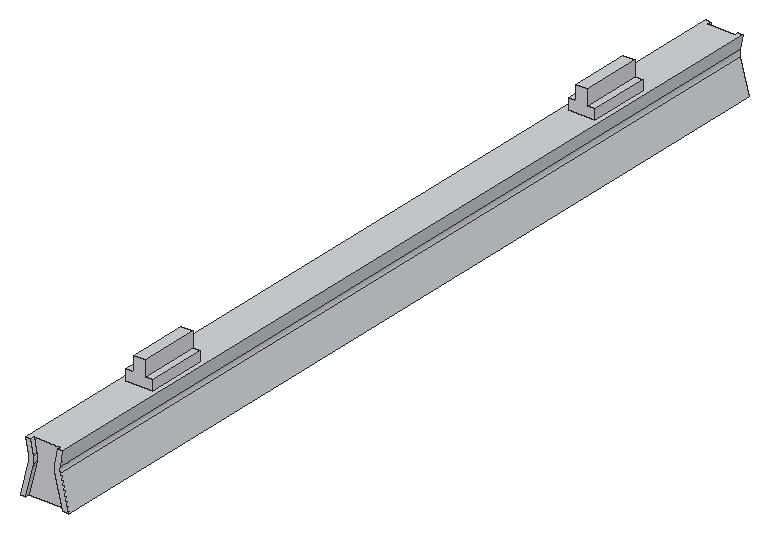
Revit family "S90-LINE BL 3000 DALI 830 MP_Unhosted", category Lighting Fixtures, Revit 2016
Family settings
  Part Type = Normal
  Round Connector Dimension = Use Diameter
  OmniClass Number = 23.80.70.00
  OmniClass Title = Lighting
  Work Plane-Based = No
  Always vertical = Yes
  Cut with Voids When Loaded = No
  Light Source = Yes
  Shared = No
  Room Calculation Point = No
Parameters
  Wiring Accessories = ""
  Width = 66 mm
  Wattage = 29 W
  built-in parameter 1150110 = 1 (stored number, unit not read)
  Voltage = 230 V
  UpdateDate = "14.10.2020 22:57:35"
  URL UK = "http://glamox.com/uk/products/S90-LINE"
  URL Sweden = "http://glamox.com/se/produkter/S90-LINE/items/S90325530"
  URL Russia = "http://glamox.com/ru/products/S90-LINE/items/S90325530"
  URL Other = "http://glamox.com/gsx/products/S90-LINE/items/S90325530"
  URL Norway = "http://glamox.com/no/produkter/S90-LINE/items/S90325530"
  URL Ireland = "http://glamox.com/ie/products/S90-LINE"
  URL Germany = "http://glamox.com/de/products/S90-LINE"
  URL Finland = "http://glamox.com/fi/products/S90-LINE"
  URL Estonia = "http://glamox.com/ee/products/S90-LINE"
  URL Denmark = "http://glamox.com/dk/produkter/S90-LINE"
  URL = ""
  TypeOfEmergency = ""
  TypeOfBallast = "DALI"
  TotalWattage = 29 W
  Total Load = 29 W
  built-in parameter 1114217 = 1 (stored number, unit not read)
  Tilt Angle = 90.00°
  Termination = ""
  built-in parameter 1150109 = 1 (stored number, unit not read)
  built-in parameter 1150134 = 3
  built-in parameter 1150113 = 1 (stored number, unit not read)
  Specification = "Interior product, in bodymaterial Aluminium, for Surface/Track mounting, in Black colour, IP20, lightsource LED, lumen out 3130lm, ballast type DALI, optic type MP = Micro-Prismatic, gives an up/down lightdistribution 0/100."
  Remark = ""
  PowerFactor = 98.00%
  Power Factor = 0.98
  Plug Type = ""
  Photometric Web File = "S90-LINE-3000-DALI-830-MP.ies"
  Optic = "MP"
  NumberOfSources = 1
  Number of Poles = 1
  ModelReference = "S90-LINE"
  ModelLabel = "S90-LINE BL 3000 DALI 830 MP"
  Material LightingSurface = Material LightingSurface
  Manufacturer = "Glamox"
  MaintenanceFactor = 0
  MFArtNo = "S90325530"
  built-in parameter 1150105 = 249.08 (stored number, unit not read)
  Lumens = 3130 lm
  built-in parameter 1150115 = 1 (stored number, unit not read)
  LumWidth = 53 mm
  LumLength = 1120 mm
  Load Classification [instance] = Lighting
  LightFixturePlacingType = "CEILING"
  LightFixtureMountingType = "TRACKMOUNTED"
  built-in parameter 1150137 = (empty or 0)
  built-in parameter 1150139 = (empty or 0)
  Length = 1145 mm
  LampBase = ""
  Lamp Wattage Comments = ""
  built-in parameter 1150112 = 1 (stored number, unit not read)
  built-in parameter 1150114 = 1 (stored number, unit not read)
  Lamp = "LED"
  built-in parameter 1150132 = (empty or 0)
  built-in parameter 1150102 = (empty or 0)
  built-in parameter 1150107 = 3200 (stored number, unit not read)
  built-in parameter 1150138 = (empty or 0)
  built-in parameter 1150106 = 2.4908 (stored number, unit not read)
  IP_Code = "20"
  IPClass = "20"
  IK_Code = ""
  IFC Classification = "Light Fixture"
  Height = 86 mm
  Suspension Material = Default
  GlobalTradeItemNumber = "7020940421249"
  Glamox Mounting = "Surface"
  Glamox Family = "S90-LINE"
  Glamox Category = "Interior"
  Expired = "0"
  Emit from Rectangle Width = LumLength  # 1120 mm
  Emit from Rectangle Length = LumWidth  # 53 mm
  Emit Shape Visible in Rendering = yes
  built-in parameter 1150104 = 10.027 (stored number, unit not read)
  ELNo Norway = ""
  ELNo Finland = ""
  EANNo = "7020940421249"
  DurationInBatteryMode = ""
  Dimming Lamp Color Temperature Shift = <None>
  Description = "S90-LINE BL 3000 DALI 830 MP"
  Cut Out = ""
  Completion = ""
  Color Filter = 16777215
  Body Material and Colour = Default
  built-in parameter 1114218 = 1 (stored number, unit not read)
  built-in parameter 1150133 = 10 (stored number, unit not read)
  ArticleNumber = "S90325530"
  Apparent Load = Total Load / Power Factor  # 29.5918 VA
  #Tubes = 1
  #Ballast = 1
  # ballast on a MCB16 type B fuse = "24"
Reference planes
  plane 1 "Light Source Axis (F/B)": y = 119.961
  plane 2: z = 0
  plane 3 "Light Source Axis (L/R)": x = 0
  plane 4 "Light Source Elevation": z = -86
  plane 5: x = -33
  plane 6: x = 33
  plane 7: x = 26.5
  plane 8: x = -26.5
  plane 9: x = 26.5
  plane 10: x = -26.5
  plane 11: y = 692.461
  plane 12: y = -452.539
Forms (mm)
  Extrusion 1, solid
    sketch origin (-0.31, 115, 0.027) x (-1, 0, 0) y (0, 0, -1)
      loop
        line (-7.969, 0) -> (-7.969, -20) -> (7.969, -20) -> (7.969, 0) -> (18.016, 0) -> (18.016, 13.75) -> (-18.016, 13.75) -> (-18.016, 0) -> (-7.969, 0)
    from 327.5 to 407.5
  Extrusion 2, solid
    sketch origin (-0.31, 115, 0.027) x (-1, 0, 0) y (0, 0, 1)
      loop
        line (-7.969, 0) -> (-18.016, 0) -> (-18.016, -13.75) -> (18.016, -13.75) -> (18.016, 0) -> (7.969, 0) -> (7.969, 20) -> (-7.969, 20) -> (-7.969, 0)
    from 337.5 to 417.5
  Extrusion 3, solid
    sketch origin (-0.31, 115, 0.027) x (-1, 0, 0) y (0, 0, -1)
      loop
        line (-32.51, 86.027) -> (-21.399, 41.292)
        arc (-21.399, 41.292) -> (-20.867, 37.363) -> (-21.48, 33.446) r 13.736
        line (-21.48, 33.446) -> (-24.953, 13.75) -> (24.953, 13.75) -> (21.48, 33.446)
        arc (21.48, 33.446) -> (20.867, 37.363) -> (21.399, 41.292) r 13.736
        line (21.399, 41.292) -> (32.51, 86.027) -> (-32.51, 86.027)
    from -577.5 to 567.5
  Extrusion 4, void
    sketch origin (-0.31, 115, 0.027) x (-1, 0, 0) y (0, 0, -1)
      loop
        line (-18.016, 13.75) -> (18.016, 13.75) -> (14.543, 33.446)
        arc (14.543, 33.446) -> (14.063, 38.053) -> (14.602, 42.654) r 21.054
        line (14.602, 42.654) -> (24.616, 86.027) -> (-24.616, 86.027) -> (-14.602, 42.654)
        arc (-14.602, 42.654) -> (-14.063, 38.053) -> (-14.543, 33.446) r 21.054
        line (-14.543, 33.446) -> (-18.016, 13.75)
    from 562.5 to 567.5
  Extrusion 5, void
    sketch origin (-0.31, 115, 0.027) x (-1, 0, 0) y (0, 0, 1)
      loop
        line (-18.016, -13.75) -> (-14.543, -33.446)
        arc (-14.543, -33.446) -> (-14.063, -38.053) -> (-14.602, -42.654) r 21.054
        line (-14.602, -42.654) -> (-24.616, -86.027) -> (24.616, -86.027) -> (14.602, -42.654)
        arc (14.602, -42.654) -> (14.063, -38.053) -> (14.543, -33.446) r 21.054
        line (14.543, -33.446) -> (18.016, -13.75) -> (-18.016, -13.75)
    from 572.5 to 577.5
Cuts and joins
  Extrusion 4, Extrusion 5 cuts Extrusion 3
Lines and regions (mm)
  symbolic lines
    curve 1: line (-32.82, 692.5, -1.415) -> (32.2, 692.5, -1.415)
    curve 2: line (-32.82, -452.5, -1.415) -> (-32.82, 692.5, -1.415)
    curve 3: line (32.2, -452.5, -1.415) -> (-32.82, -452.5, -1.415)
    curve 4: line (32.2, 692.5, -1.415) -> (32.2, -452.5, -1.415)
    curve 5: line (0, 119.961, -1.415) -> (28.284, 148.245, -1.415)
    curve 6: line (0, 119.961, -1.415) -> (28.284, 91.676, -1.415)
    curve 7: line (0, 119.961, -1.415) -> (-28.284, 91.676, -1.415)
    curve 8: line (0, 119.961, -1.415) -> (-28.284, 148.245, -1.415)
Dimensions and locks
  equal spacing: plane 5, plane 3 "Light Source Axis (L/R)", plane 6
  "Width": plane 5 to plane 6
  equal spacing: plane 7, plane 3 "Light Source Axis (L/R)", plane 8
  "LumWidth": plane 7 to plane 8
  equal spacing: plane 10, plane 3 "Light Source Axis (L/R)", plane 9
  "LumWidth": plane 10 to plane 9
  "Height": plane 4 "Light Source Elevation" to level
  "Length": plane 11 to plane 12
  equal spacing: plane 11, plane 1 "Light Source Axis (F/B)", plane 12
  angle curve 6 to plane 1 "Light Source Axis (F/B)" to curve 5 = 45.00° locked, 45.00° locked
  locked: curve 5 to curve 8 (angle 90.00°)
  locked: curve 7 to curve 6 (angle 90.00°)
  aligned and locked: plane 3 "Light Source Axis (L/R)" to imposter light
  aligned and locked: plane 4 "Light Source Elevation" to Extrusion 3
  aligned and locked: plane 4 "Light Source Elevation" to Extrusion 4
  aligned and locked: plane 4 "Light Source Elevation" to Extrusion 5
  aligned and locked: curve 1 to cut or joined group of Extrusion 3, Extrusion 4, Extrusion 5
  aligned and locked: curve 2 to cut or joined group of Extrusion 3, Extrusion 4, Extrusion 5
  aligned and locked: curve 3 to cut or joined group of Extrusion 3, Extrusion 4, Extrusion 5
  aligned and locked: curve 4 to cut or joined group of Extrusion 3, Extrusion 4, Extrusion 5
Automatic sketch dimensions
  Extrusion 1 sketch curve to plane 7 = 8.794 mm
  plane 3 "Light Source Axis (L/R)" to Extrusion 1 sketch curve = 7.659 mm
  Extrusion 1 sketch curve to plane 3 "Light Source Axis (L/R)" = 8.278 mm
  plane 8 to Extrusion 1 sketch curve = 8.175 mm
  level to Extrusion 1 sketch curve = 20.027 mm
  level to Extrusion 1 sketch curve = 0.027 mm  (x2)
  Extrusion 1 sketch curve to level = 13.723 mm
  Extrusion 2 sketch curve to plane 7 = 8.794 mm
  plane 3 "Light Source Axis (L/R)" to Extrusion 2 sketch curve = 7.659 mm
  Extrusion 2 sketch curve to plane 3 "Light Source Axis (L/R)" = 8.278 mm
  plane 8 to Extrusion 2 sketch curve = 8.175 mm
  Extrusion 2 sketch curve to level = 13.723 mm
  level to Extrusion 2 sketch curve = 0.027 mm  (x2)
  Extrusion 2 sketch curve to Extrusion 2 sketch curve = 20 mm
  Extrusion 3 sketch curve to plane 6 = 1.293 mm
  plane 6 to Extrusion 3 sketch curve = 0.8 mm
  Extrusion 3 sketch curve to plane 7 = 1.857 mm
  Extrusion 3 sketch curve to plane 7 = 5.33 mm
  Extrusion 3 sketch curve to plane 7 = 5.411 mm
  plane 8 to Extrusion 3 sketch curve = 4.792 mm
  plane 8 to Extrusion 3 sketch curve = 4.71 mm
  plane 8 to Extrusion 3 sketch curve = 1.237 mm
  plane 5 to Extrusion 3 sketch curve = 0.18 mm
  Extrusion 3 sketch curve to plane 5 = 1.912 mm
  Extrusion 3 sketch curve to level = 13.723 mm
  Extrusion 3 sketch curve to Extrusion 3 sketch curve = 19.696 mm  (x2)
  Extrusion 3 sketch curve to Extrusion 3 sketch curve = 4.059 mm  (x2)
  plane 4 "Light Source Elevation" to Extrusion 3 sketch curve = 0 mm
  Extrusion 4 sketch curve to plane 6 = 1.807 mm
  Extrusion 4 sketch curve to plane 7 = 2.194 mm
  Extrusion 4 sketch curve to plane 7 = 8.794 mm
  Extrusion 4 sketch curve to plane 7 = 12.208 mm
  Extrusion 4 sketch curve to Extrusion 4 sketch curve = 0.059 mm  (x2)
  plane 8 to Extrusion 4 sketch curve = 11.648 mm
  plane 8 to Extrusion 4 sketch curve = 8.175 mm
  plane 8 to Extrusion 4 sketch curve = 1.575 mm
  Extrusion 4 sketch curve to plane 5 = 2.426 mm
  Extrusion 4 sketch curve to level = 13.723 mm
  Extrusion 4 sketch curve to Extrusion 4 sketch curve = 19.696 mm  (x2)
  Extrusion 4 sketch curve to Extrusion 4 sketch curve = 4.471 mm  (x2)
  plane 4 "Light Source Elevation" to Extrusion 4 sketch curve = 0 mm
  Extrusion 5 sketch curve to plane 6 = 1.807 mm
  Extrusion 5 sketch curve to plane 7 = 2.194 mm
  Extrusion 5 sketch curve to plane 7 = 8.794 mm
  Extrusion 5 sketch curve to plane 7 = 12.208 mm
  Extrusion 5 sketch curve to Extrusion 5 sketch curve = 0.059 mm  (x2)
  plane 8 to Extrusion 5 sketch curve = 11.648 mm
  plane 8 to Extrusion 5 sketch curve = 8.175 mm
  plane 8 to Extrusion 5 sketch curve = 1.575 mm
  Extrusion 5 sketch curve to plane 5 = 2.426 mm
  plane 4 "Light Source Elevation" to Extrusion 5 sketch curve = 0 mm
  Extrusion 5 sketch curve to level = 42.626 mm
  Extrusion 5 sketch curve to Extrusion 5 sketch curve = 0 mm
  Extrusion 5 sketch curve to Extrusion 5 sketch curve = 4.736 mm  (x2)
  Extrusion 5 sketch curve to level = 13.723 mm
  plane 1 "Light Source Axis (F/B)" to curve 7 = 0 mm
  curve 5 to plane 3 "Light Source Axis (L/R)" = 0 mm
Connectors
  electrical at (12.683, -252.5, 0.027), driven by "Load Classification", driven by "Voltage", driven by "Apparent Load", driven by "Power Factor"
    settings: on Extrusion 1, index 1, voltage 230 V, apparent load 0 VA, apparent load phase1 29.5918 VA, apparent load phase2 0 VA, apparent load phase3 0 VA, power factor 0.98, load classification "Lighting", number of poles 1, system type 31, power factor state 1, is connector primary yes, connector utility no, sub classification motor no, connector description ""
